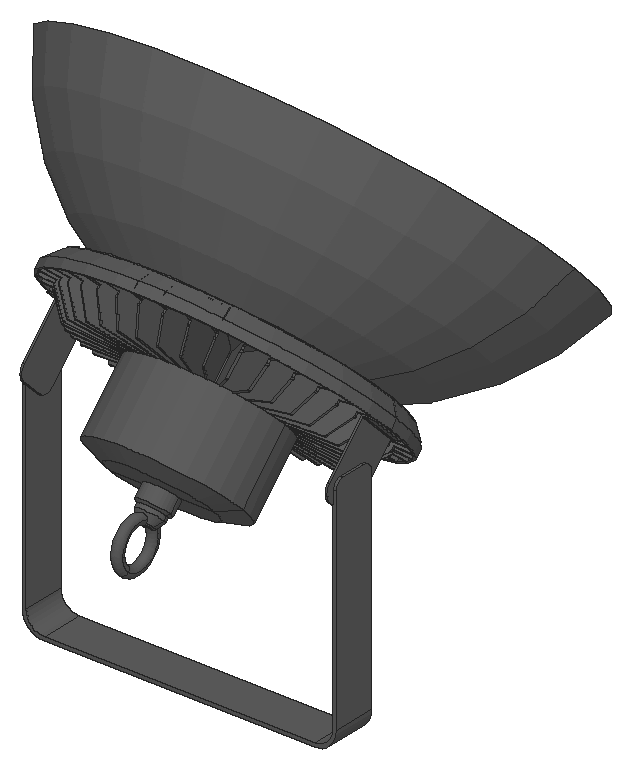
Revit family "0039362+0039353+0039357 Sylvania Lighting Fixture START HighBay IP65 DALI 13000lm 840 MB with BRACKET and ALU SHADE BLACK COLOR FOR 13 19KLM", category Lighting Fixtures, host Face, Revit 2016 (continued)
Definition of nested family "Start LED Highbay DALI Head"
  Nested families
    nested 6: "Start Highbay Rib" at (0, 0, 80.875) x (0.7071, 0.7071, 0) z (0, 0, 1), type "Type Name", detail levels medium+fine
      with SuspensionHeight_FEILO 2.6 mm, WidthStraight_FEILO 4.7 mm, WidthRingChamfer_FEILO 12.9 mm, WidthCurved_FEILO 26.2 mm, WidthCurvedRing_FEILO 4.7 mm, SizeS_FEILO no, Rib4_FEILO 14.6 mm, Rib3_FEILO 20.2 mm, Rib2_FEILO 4.5 mm, Rib1_FEILO 19 mm, RadiusDiffuser_FEILO 120 mm, RHRadius3_FEILO 8.6 mm, RHRadius2_FEILO 14 mm, RHRadius1_FEILO 17.7 mm, RHHeight4_FEILO 9.2 mm, RHHeight3_FEILO 4.6 mm, RHHeight2_FEILO 2.6 mm, RHHeight1_FEILO 17.4 mm, HeightRing_FEILO 36.8 mm, HeightRingChamfer_FEILO 26.6 mm, EyeThickness_FEILO 10.5 mm, EyeThicknessHalf_FEILO 5.25 mm, EyeInner_FEILO 17.3 mm, DriverVerticalStraight_FEILO 57 mm, DriverVerticalChamfer_FEILO 9.5 mm, DriverRadius_FEILO 76.4 mm, DriverRadiusTop_FEILO 52.4 mm, DriverBottom_FEILO 74 mm, Radius_FEILO 169.5 mm
    nested 7: "Start Highbay Rib" at (0, 0, 80.875) x (0.5878, 0.809, 0) z (0, 0, 1), type "Type Name", detail levels medium+fine
      with SuspensionHeight_FEILO 2.6 mm, WidthStraight_FEILO 4.7 mm, WidthRingChamfer_FEILO 12.9 mm, WidthCurved_FEILO 26.2 mm, WidthCurvedRing_FEILO 4.7 mm, SizeS_FEILO no, Rib4_FEILO 14.6 mm, Rib3_FEILO 20.2 mm, Rib2_FEILO 4.5 mm, Rib1_FEILO 19 mm, RadiusDiffuser_FEILO 120 mm, RHRadius3_FEILO 8.6 mm, RHRadius2_FEILO 14 mm, RHRadius1_FEILO 17.7 mm, RHHeight4_FEILO 9.2 mm, RHHeight3_FEILO 4.6 mm, RHHeight2_FEILO 2.6 mm, RHHeight1_FEILO 17.4 mm, HeightRing_FEILO 36.8 mm, HeightRingChamfer_FEILO 26.6 mm, EyeThickness_FEILO 10.5 mm, EyeThicknessHalf_FEILO 5.25 mm, EyeInner_FEILO 17.3 mm, DriverVerticalStraight_FEILO 57 mm, DriverVerticalChamfer_FEILO 9.5 mm, DriverRadius_FEILO 76.4 mm, DriverRadiusTop_FEILO 52.4 mm, DriverBottom_FEILO 74 mm, Radius_FEILO 169.5 mm
    nested 8: "Start Highbay Rib" at (0, 0, 80.875) x (0.454, 0.891, 0) z (0, 0, 1), type "Type Name", detail levels medium+fine
      with SuspensionHeight_FEILO 2.6 mm, WidthStraight_FEILO 4.7 mm, WidthRingChamfer_FEILO 12.9 mm, WidthCurved_FEILO 26.2 mm, WidthCurvedRing_FEILO 4.7 mm, SizeS_FEILO no, Rib4_FEILO 14.6 mm, Rib3_FEILO 20.2 mm, Rib2_FEILO 4.5 mm, Rib1_FEILO 19 mm, RadiusDiffuser_FEILO 120 mm, RHRadius3_FEILO 8.6 mm, RHRadius2_FEILO 14 mm, RHRadius1_FEILO 17.7 mm, RHHeight4_FEILO 9.2 mm, RHHeight3_FEILO 4.6 mm, RHHeight2_FEILO 2.6 mm, RHHeight1_FEILO 17.4 mm, HeightRing_FEILO 36.8 mm, HeightRingChamfer_FEILO 26.6 mm, EyeThickness_FEILO 10.5 mm, EyeThicknessHalf_FEILO 5.25 mm, EyeInner_FEILO 17.3 mm, DriverVerticalStraight_FEILO 57 mm, DriverVerticalChamfer_FEILO 9.5 mm, DriverRadius_FEILO 76.4 mm, DriverRadiusTop_FEILO 52.4 mm, DriverBottom_FEILO 74 mm, Radius_FEILO 169.5 mm
    nested 9: "Start Highbay Rib" at (0, 0, 80.875) x (0.309, 0.9511, 0) z (0, 0, 1), type "Type Name", detail levels medium+fine
      with SuspensionHeight_FEILO 2.6 mm, WidthStraight_FEILO 4.7 mm, WidthRingChamfer_FEILO 12.9 mm, WidthCurved_FEILO 26.2 mm, WidthCurvedRing_FEILO 4.7 mm, SizeS_FEILO no, Rib4_FEILO 14.6 mm, Rib3_FEILO 20.2 mm, Rib2_FEILO 4.5 mm, Rib1_FEILO 19 mm, RadiusDiffuser_FEILO 120 mm, RHRadius3_FEILO 8.6 mm, RHRadius2_FEILO 14 mm, RHRadius1_FEILO 17.7 mm, RHHeight4_FEILO 9.2 mm, RHHeight3_FEILO 4.6 mm, RHHeight2_FEILO 2.6 mm, RHHeight1_FEILO 17.4 mm, HeightRing_FEILO 36.8 mm, HeightRingChamfer_FEILO 26.6 mm, EyeThickness_FEILO 10.5 mm, EyeThicknessHalf_FEILO 5.25 mm, EyeInner_FEILO 17.3 mm, DriverVerticalStraight_FEILO 57 mm, DriverVerticalChamfer_FEILO 9.5 mm, DriverRadius_FEILO 76.4 mm, DriverRadiusTop_FEILO 52.4 mm, DriverBottom_FEILO 74 mm, Radius_FEILO 169.5 mm
    nested 10: "Start Highbay Rib" at (0, 0, 80.875) x (0.1564, 0.9877, 0) z (0, 0, 1), type "Type Name", detail levels medium+fine
      with SuspensionHeight_FEILO 2.6 mm, WidthStraight_FEILO 4.7 mm, WidthRingChamfer_FEILO 12.9 mm, WidthCurved_FEILO 26.2 mm, WidthCurvedRing_FEILO 4.7 mm, SizeS_FEILO no, Rib4_FEILO 14.6 mm, Rib3_FEILO 20.2 mm, Rib2_FEILO 4.5 mm, Rib1_FEILO 19 mm, RadiusDiffuser_FEILO 120 mm, RHRadius3_FEILO 8.6 mm, RHRadius2_FEILO 14 mm, RHRadius1_FEILO 17.7 mm, RHHeight4_FEILO 9.2 mm, RHHeight3_FEILO 4.6 mm, RHHeight2_FEILO 2.6 mm, RHHeight1_FEILO 17.4 mm, HeightRing_FEILO 36.8 mm, HeightRingChamfer_FEILO 26.6 mm, EyeThickness_FEILO 10.5 mm, EyeThicknessHalf_FEILO 5.25 mm, EyeInner_FEILO 17.3 mm, DriverVerticalStraight_FEILO 57 mm, DriverVerticalChamfer_FEILO 9.5 mm, DriverRadius_FEILO 76.4 mm, DriverRadiusTop_FEILO 52.4 mm, DriverBottom_FEILO 74 mm, Radius_FEILO 169.5 mm
    nested 11: "Start Highbay Rib" at (0, 0, 80.875) x (0, 1, 0) z (0, 0, 1), type "Type Name", detail levels medium+fine
      with SuspensionHeight_FEILO 2.6 mm, WidthStraight_FEILO 4.7 mm, WidthRingChamfer_FEILO 12.9 mm, WidthCurved_FEILO 26.2 mm, WidthCurvedRing_FEILO 4.7 mm, SizeS_FEILO no, Rib4_FEILO 14.6 mm, Rib3_FEILO 20.2 mm, Rib2_FEILO 4.5 mm, Rib1_FEILO 19 mm, RadiusDiffuser_FEILO 120 mm, RHRadius3_FEILO 8.6 mm, RHRadius2_FEILO 14 mm, RHRadius1_FEILO 17.7 mm, RHHeight4_FEILO 9.2 mm, RHHeight3_FEILO 4.6 mm, RHHeight2_FEILO 2.6 mm, RHHeight1_FEILO 17.4 mm, HeightRing_FEILO 36.8 mm, HeightRingChamfer_FEILO 26.6 mm, EyeThickness_FEILO 10.5 mm, EyeThicknessHalf_FEILO 5.25 mm, EyeInner_FEILO 17.3 mm, DriverVerticalStraight_FEILO 57 mm, DriverVerticalChamfer_FEILO 9.5 mm, DriverRadius_FEILO 76.4 mm, DriverRadiusTop_FEILO 52.4 mm, DriverBottom_FEILO 74 mm, Radius_FEILO 169.5 mm
    nested 12: "Start Highbay Rib" at (0, 0, 80.875) x (-0.1564, 0.9877, 0) z (0, 0, 1), type "Type Name", detail levels medium+fine
      with SuspensionHeight_FEILO 2.6 mm, WidthStraight_FEILO 4.7 mm, WidthRingChamfer_FEILO 12.9 mm, WidthCurved_FEILO 26.2 mm, WidthCurvedRing_FEILO 4.7 mm, SizeS_FEILO no, Rib4_FEILO 14.6 mm, Rib3_FEILO 20.2 mm, Rib2_FEILO 4.5 mm, Rib1_FEILO 19 mm, RadiusDiffuser_FEILO 120 mm, RHRadius3_FEILO 8.6 mm, RHRadius2_FEILO 14 mm, RHRadius1_FEILO 17.7 mm, RHHeight4_FEILO 9.2 mm, RHHeight3_FEILO 4.6 mm, RHHeight2_FEILO 2.6 mm, RHHeight1_FEILO 17.4 mm, HeightRing_FEILO 36.8 mm, HeightRingChamfer_FEILO 26.6 mm, EyeThickness_FEILO 10.5 mm, EyeThicknessHalf_FEILO 5.25 mm, EyeInner_FEILO 17.3 mm, DriverVerticalStraight_FEILO 57 mm, DriverVerticalChamfer_FEILO 9.5 mm, DriverRadius_FEILO 76.4 mm, DriverRadiusTop_FEILO 52.4 mm, DriverBottom_FEILO 74 mm, Radius_FEILO 169.5 mm
    nested 13: "Start Highbay Rib" at (0, 0, 80.875) x (-0.309, 0.9511, 0) z (0, 0, 1), type "Type Name", detail levels medium+fine
      with SuspensionHeight_FEILO 2.6 mm, WidthStraight_FEILO 4.7 mm, WidthRingChamfer_FEILO 12.9 mm, WidthCurved_FEILO 26.2 mm, WidthCurvedRing_FEILO 4.7 mm, SizeS_FEILO no, Rib4_FEILO 14.6 mm, Rib3_FEILO 20.2 mm, Rib2_FEILO 4.5 mm, Rib1_FEILO 19 mm, RadiusDiffuser_FEILO 120 mm, RHRadius3_FEILO 8.6 mm, RHRadius2_FEILO 14 mm, RHRadius1_FEILO 17.7 mm, RHHeight4_FEILO 9.2 mm, RHHeight3_FEILO 4.6 mm, RHHeight2_FEILO 2.6 mm, RHHeight1_FEILO 17.4 mm, HeightRing_FEILO 36.8 mm, HeightRingChamfer_FEILO 26.6 mm, EyeThickness_FEILO 10.5 mm, EyeThicknessHalf_FEILO 5.25 mm, EyeInner_FEILO 17.3 mm, DriverVerticalStraight_FEILO 57 mm, DriverVerticalChamfer_FEILO 9.5 mm, DriverRadius_FEILO 76.4 mm, DriverRadiusTop_FEILO 52.4 mm, DriverBottom_FEILO 74 mm, Radius_FEILO 169.5 mm
    nested 14: "Start Highbay Rib" at (0, 0, 80.875) x (-0.454, 0.891, 0) z (0, 0, 1), type "Type Name", detail levels medium+fine
      with SuspensionHeight_FEILO 2.6 mm, WidthStraight_FEILO 4.7 mm, WidthRingChamfer_FEILO 12.9 mm, WidthCurved_FEILO 26.2 mm, WidthCurvedRing_FEILO 4.7 mm, SizeS_FEILO no, Rib4_FEILO 14.6 mm, Rib3_FEILO 20.2 mm, Rib2_FEILO 4.5 mm, Rib1_FEILO 19 mm, RadiusDiffuser_FEILO 120 mm, RHRadius3_FEILO 8.6 mm, RHRadius2_FEILO 14 mm, RHRadius1_FEILO 17.7 mm, RHHeight4_FEILO 9.2 mm, RHHeight3_FEILO 4.6 mm, RHHeight2_FEILO 2.6 mm, RHHeight1_FEILO 17.4 mm, HeightRing_FEILO 36.8 mm, HeightRingChamfer_FEILO 26.6 mm, EyeThickness_FEILO 10.5 mm, EyeThicknessHalf_FEILO 5.25 mm, EyeInner_FEILO 17.3 mm, DriverVerticalStraight_FEILO 57 mm, DriverVerticalChamfer_FEILO 9.5 mm, DriverRadius_FEILO 76.4 mm, DriverRadiusTop_FEILO 52.4 mm, DriverBottom_FEILO 74 mm, Radius_FEILO 169.5 mm
    nested 15: "Start Highbay Rib" at (0, 0, 80.875) x (-0.5878, 0.809, 0) z (0, 0, 1), type "Type Name", detail levels medium+fine
      with SuspensionHeight_FEILO 2.6 mm, WidthStraight_FEILO 4.7 mm, WidthRingChamfer_FEILO 12.9 mm, WidthCurved_FEILO 26.2 mm, WidthCurvedRing_FEILO 4.7 mm, SizeS_FEILO no, Rib4_FEILO 14.6 mm, Rib3_FEILO 20.2 mm, Rib2_FEILO 4.5 mm, Rib1_FEILO 19 mm, RadiusDiffuser_FEILO 120 mm, RHRadius3_FEILO 8.6 mm, RHRadius2_FEILO 14 mm, RHRadius1_FEILO 17.7 mm, RHHeight4_FEILO 9.2 mm, RHHeight3_FEILO 4.6 mm, RHHeight2_FEILO 2.6 mm, RHHeight1_FEILO 17.4 mm, HeightRing_FEILO 36.8 mm, HeightRingChamfer_FEILO 26.6 mm, EyeThickness_FEILO 10.5 mm, EyeThicknessHalf_FEILO 5.25 mm, EyeInner_FEILO 17.3 mm, DriverVerticalStraight_FEILO 57 mm, DriverVerticalChamfer_FEILO 9.5 mm, DriverRadius_FEILO 76.4 mm, DriverRadiusTop_FEILO 52.4 mm, DriverBottom_FEILO 74 mm, Radius_FEILO 169.5 mm
    nested 16: "Start Highbay Rib" at (0, 0, 80.875) x (-0.7071, 0.7071, 0) z (0, 0, 1), type "Type Name", detail levels medium+fine
      with SuspensionHeight_FEILO 2.6 mm, WidthStraight_FEILO 4.7 mm, WidthRingChamfer_FEILO 12.9 mm, WidthCurved_FEILO 26.2 mm, WidthCurvedRing_FEILO 4.7 mm, SizeS_FEILO no, Rib4_FEILO 14.6 mm, Rib3_FEILO 20.2 mm, Rib2_FEILO 4.5 mm, Rib1_FEILO 19 mm, RadiusDiffuser_FEILO 120 mm, RHRadius3_FEILO 8.6 mm, RHRadius2_FEILO 14 mm, RHRadius1_FEILO 17.7 mm, RHHeight4_FEILO 9.2 mm, RHHeight3_FEILO 4.6 mm, RHHeight2_FEILO 2.6 mm, RHHeight1_FEILO 17.4 mm, HeightRing_FEILO 36.8 mm, HeightRingChamfer_FEILO 26.6 mm, EyeThickness_FEILO 10.5 mm, EyeThicknessHalf_FEILO 5.25 mm, EyeInner_FEILO 17.3 mm, DriverVerticalStraight_FEILO 57 mm, DriverVerticalChamfer_FEILO 9.5 mm, DriverRadius_FEILO 76.4 mm, DriverRadiusTop_FEILO 52.4 mm, DriverBottom_FEILO 74 mm, Radius_FEILO 169.5 mm
    nested 17: "Start Highbay Rib" at (0, 0, 80.875) x (-0.809, 0.5878, 0) z (0, 0, 1), type "Type Name", detail levels medium+fine
      with SuspensionHeight_FEILO 2.6 mm, WidthStraight_FEILO 4.7 mm, WidthRingChamfer_FEILO 12.9 mm, WidthCurved_FEILO 26.2 mm, WidthCurvedRing_FEILO 4.7 mm, SizeS_FEILO no, Rib4_FEILO 14.6 mm, Rib3_FEILO 20.2 mm, Rib2_FEILO 4.5 mm, Rib1_FEILO 19 mm, RadiusDiffuser_FEILO 120 mm, RHRadius3_FEILO 8.6 mm, RHRadius2_FEILO 14 mm, RHRadius1_FEILO 17.7 mm, RHHeight4_FEILO 9.2 mm, RHHeight3_FEILO 4.6 mm, RHHeight2_FEILO 2.6 mm, RHHeight1_FEILO 17.4 mm, HeightRing_FEILO 36.8 mm, HeightRingChamfer_FEILO 26.6 mm, EyeThickness_FEILO 10.5 mm, EyeThicknessHalf_FEILO 5.25 mm, EyeInner_FEILO 17.3 mm, DriverVerticalStraight_FEILO 57 mm, DriverVerticalChamfer_FEILO 9.5 mm, DriverRadius_FEILO 76.4 mm, DriverRadiusTop_FEILO 52.4 mm, DriverBottom_FEILO 74 mm, Radius_FEILO 169.5 mm
    nested 18: "Start Highbay Rib" at (0, 0, 80.875) x (-0.891, 0.454, 0) z (0, 0, 1), type "Type Name", detail levels medium+fine
      with SuspensionHeight_FEILO 2.6 mm, WidthStraight_FEILO 4.7 mm, WidthRingChamfer_FEILO 12.9 mm, WidthCurved_FEILO 26.2 mm, WidthCurvedRing_FEILO 4.7 mm, SizeS_FEILO no, Rib4_FEILO 14.6 mm, Rib3_FEILO 20.2 mm, Rib2_FEILO 4.5 mm, Rib1_FEILO 19 mm, RadiusDiffuser_FEILO 120 mm, RHRadius3_FEILO 8.6 mm, RHRadius2_FEILO 14 mm, RHRadius1_FEILO 17.7 mm, RHHeight4_FEILO 9.2 mm, RHHeight3_FEILO 4.6 mm, RHHeight2_FEILO 2.6 mm, RHHeight1_FEILO 17.4 mm, HeightRing_FEILO 36.8 mm, HeightRingChamfer_FEILO 26.6 mm, EyeThickness_FEILO 10.5 mm, EyeThicknessHalf_FEILO 5.25 mm, EyeInner_FEILO 17.3 mm, DriverVerticalStraight_FEILO 57 mm, DriverVerticalChamfer_FEILO 9.5 mm, DriverRadius_FEILO 76.4 mm, DriverRadiusTop_FEILO 52.4 mm, DriverBottom_FEILO 74 mm, Radius_FEILO 169.5 mm
    nested 19: "Start Highbay Rib" at (0, 0, 80.875) x (-0.9511, 0.309, 0) z (0, 0, 1), type "Type Name", detail levels medium+fine
      with SuspensionHeight_FEILO 2.6 mm, WidthStraight_FEILO 4.7 mm, WidthRingChamfer_FEILO 12.9 mm, WidthCurved_FEILO 26.2 mm, WidthCurvedRing_FEILO 4.7 mm, SizeS_FEILO no, Rib4_FEILO 14.6 mm, Rib3_FEILO 20.2 mm, Rib2_FEILO 4.5 mm, Rib1_FEILO 19 mm, RadiusDiffuser_FEILO 120 mm, RHRadius3_FEILO 8.6 mm, RHRadius2_FEILO 14 mm, RHRadius1_FEILO 17.7 mm, RHHeight4_FEILO 9.2 mm, RHHeight3_FEILO 4.6 mm, RHHeight2_FEILO 2.6 mm, RHHeight1_FEILO 17.4 mm, HeightRing_FEILO 36.8 mm, HeightRingChamfer_FEILO 26.6 mm, EyeThickness_FEILO 10.5 mm, EyeThicknessHalf_FEILO 5.25 mm, EyeInner_FEILO 17.3 mm, DriverVerticalStraight_FEILO 57 mm, DriverVerticalChamfer_FEILO 9.5 mm, DriverRadius_FEILO 76.4 mm, DriverRadiusTop_FEILO 52.4 mm, DriverBottom_FEILO 74 mm, Radius_FEILO 169.5 mm
    nested 20: "Start Highbay Rib" at (0, 0, 80.875) x (-0.9877, 0.1564, 0) z (0, 0, 1), type "Type Name", detail levels medium+fine
      with SuspensionHeight_FEILO 2.6 mm, WidthStraight_FEILO 4.7 mm, WidthRingChamfer_FEILO 12.9 mm, WidthCurved_FEILO 26.2 mm, WidthCurvedRing_FEILO 4.7 mm, SizeS_FEILO no, Rib4_FEILO 14.6 mm, Rib3_FEILO 20.2 mm, Rib2_FEILO 4.5 mm, Rib1_FEILO 19 mm, RadiusDiffuser_FEILO 120 mm, RHRadius3_FEILO 8.6 mm, RHRadius2_FEILO 14 mm, RHRadius1_FEILO 17.7 mm, RHHeight4_FEILO 9.2 mm, RHHeight3_FEILO 4.6 mm, RHHeight2_FEILO 2.6 mm, RHHeight1_FEILO 17.4 mm, HeightRing_FEILO 36.8 mm, HeightRingChamfer_FEILO 26.6 mm, EyeThickness_FEILO 10.5 mm, EyeThicknessHalf_FEILO 5.25 mm, EyeInner_FEILO 17.3 mm, DriverVerticalStraight_FEILO 57 mm, DriverVerticalChamfer_FEILO 9.5 mm, DriverRadius_FEILO 76.4 mm, DriverRadiusTop_FEILO 52.4 mm, DriverBottom_FEILO 74 mm, Radius_FEILO 169.5 mm
    nested 21: "Start Highbay Rib" at (0, 0, 80.875) x (-1, 0, 0) z (0, 0, 1), type "Type Name", detail levels medium+fine
      with SuspensionHeight_FEILO 2.6 mm, WidthStraight_FEILO 4.7 mm, WidthRingChamfer_FEILO 12.9 mm, WidthCurved_FEILO 26.2 mm, WidthCurvedRing_FEILO 4.7 mm, SizeS_FEILO no, Rib4_FEILO 14.6 mm, Rib3_FEILO 20.2 mm, Rib2_FEILO 4.5 mm, Rib1_FEILO 19 mm, RadiusDiffuser_FEILO 120 mm, RHRadius3_FEILO 8.6 mm, RHRadius2_FEILO 14 mm, RHRadius1_FEILO 17.7 mm, RHHeight4_FEILO 9.2 mm, RHHeight3_FEILO 4.6 mm, RHHeight2_FEILO 2.6 mm, RHHeight1_FEILO 17.4 mm, HeightRing_FEILO 36.8 mm, HeightRingChamfer_FEILO 26.6 mm, EyeThickness_FEILO 10.5 mm, EyeThicknessHalf_FEILO 5.25 mm, EyeInner_FEILO 17.3 mm, DriverVerticalStraight_FEILO 57 mm, DriverVerticalChamfer_FEILO 9.5 mm, DriverRadius_FEILO 76.4 mm, DriverRadiusTop_FEILO 52.4 mm, DriverBottom_FEILO 74 mm, Radius_FEILO 169.5 mm
    nested 22: "Start Highbay Rib" at (0, 0, 80.875) x (-0.9877, -0.1564, 0) z (0, 0, 1), type "Type Name", detail levels medium+fine
      with SuspensionHeight_FEILO 2.6 mm, WidthStraight_FEILO 4.7 mm, WidthRingChamfer_FEILO 12.9 mm, WidthCurved_FEILO 26.2 mm, WidthCurvedRing_FEILO 4.7 mm, SizeS_FEILO no, Rib4_FEILO 14.6 mm, Rib3_FEILO 20.2 mm, Rib2_FEILO 4.5 mm, Rib1_FEILO 19 mm, RadiusDiffuser_FEILO 120 mm, RHRadius3_FEILO 8.6 mm, RHRadius2_FEILO 14 mm, RHRadius1_FEILO 17.7 mm, RHHeight4_FEILO 9.2 mm, RHHeight3_FEILO 4.6 mm, RHHeight2_FEILO 2.6 mm, RHHeight1_FEILO 17.4 mm, HeightRing_FEILO 36.8 mm, HeightRingChamfer_FEILO 26.6 mm, EyeThickness_FEILO 10.5 mm, EyeThicknessHalf_FEILO 5.25 mm, EyeInner_FEILO 17.3 mm, DriverVerticalStraight_FEILO 57 mm, DriverVerticalChamfer_FEILO 9.5 mm, DriverRadius_FEILO 76.4 mm, DriverRadiusTop_FEILO 52.4 mm, DriverBottom_FEILO 74 mm, Radius_FEILO 169.5 mm
    nested 23: "Start Highbay Rib" at (0, 0, 80.875) x (-0.9511, -0.309, 0) z (0, 0, 1), type "Type Name", detail levels medium+fine
      with SuspensionHeight_FEILO 2.6 mm, WidthStraight_FEILO 4.7 mm, WidthRingChamfer_FEILO 12.9 mm, WidthCurved_FEILO 26.2 mm, WidthCurvedRing_FEILO 4.7 mm, SizeS_FEILO no, Rib4_FEILO 14.6 mm, Rib3_FEILO 20.2 mm, Rib2_FEILO 4.5 mm, Rib1_FEILO 19 mm, RadiusDiffuser_FEILO 120 mm, RHRadius3_FEILO 8.6 mm, RHRadius2_FEILO 14 mm, RHRadius1_FEILO 17.7 mm, RHHeight4_FEILO 9.2 mm, RHHeight3_FEILO 4.6 mm, RHHeight2_FEILO 2.6 mm, RHHeight1_FEILO 17.4 mm, HeightRing_FEILO 36.8 mm, HeightRingChamfer_FEILO 26.6 mm, EyeThickness_FEILO 10.5 mm, EyeThicknessHalf_FEILO 5.25 mm, EyeInner_FEILO 17.3 mm, DriverVerticalStraight_FEILO 57 mm, DriverVerticalChamfer_FEILO 9.5 mm, DriverRadius_FEILO 76.4 mm, DriverRadiusTop_FEILO 52.4 mm, DriverBottom_FEILO 74 mm, Radius_FEILO 169.5 mm
    nested 24: "Start Highbay Rib" at (0, 0, 80.875) x (-0.891, -0.454, 0) z (0, 0, 1), type "Type Name", detail levels medium+fine
      with SuspensionHeight_FEILO 2.6 mm, WidthStraight_FEILO 4.7 mm, WidthRingChamfer_FEILO 12.9 mm, WidthCurved_FEILO 26.2 mm, WidthCurvedRing_FEILO 4.7 mm, SizeS_FEILO no, Rib4_FEILO 14.6 mm, Rib3_FEILO 20.2 mm, Rib2_FEILO 4.5 mm, Rib1_FEILO 19 mm, RadiusDiffuser_FEILO 120 mm, RHRadius3_FEILO 8.6 mm, RHRadius2_FEILO 14 mm, RHRadius1_FEILO 17.7 mm, RHHeight4_FEILO 9.2 mm, RHHeight3_FEILO 4.6 mm, RHHeight2_FEILO 2.6 mm, RHHeight1_FEILO 17.4 mm, HeightRing_FEILO 36.8 mm, HeightRingChamfer_FEILO 26.6 mm, EyeThickness_FEILO 10.5 mm, EyeThicknessHalf_FEILO 5.25 mm, EyeInner_FEILO 17.3 mm, DriverVerticalStraight_FEILO 57 mm, DriverVerticalChamfer_FEILO 9.5 mm, DriverRadius_FEILO 76.4 mm, DriverRadiusTop_FEILO 52.4 mm, DriverBottom_FEILO 74 mm, Radius_FEILO 169.5 mm
    nested 25: "Start Highbay Rib" at (0, 0, 80.875) x (-0.809, -0.5878, 0) z (0, 0, 1), type "Type Name", detail levels medium+fine
      with SuspensionHeight_FEILO 2.6 mm, WidthStraight_FEILO 4.7 mm, WidthRingChamfer_FEILO 12.9 mm, WidthCurved_FEILO 26.2 mm, WidthCurvedRing_FEILO 4.7 mm, SizeS_FEILO no, Rib4_FEILO 14.6 mm, Rib3_FEILO 20.2 mm, Rib2_FEILO 4.5 mm, Rib1_FEILO 19 mm, RadiusDiffuser_FEILO 120 mm, RHRadius3_FEILO 8.6 mm, RHRadius2_FEILO 14 mm, RHRadius1_FEILO 17.7 mm, RHHeight4_FEILO 9.2 mm, RHHeight3_FEILO 4.6 mm, RHHeight2_FEILO 2.6 mm, RHHeight1_FEILO 17.4 mm, HeightRing_FEILO 36.8 mm, HeightRingChamfer_FEILO 26.6 mm, EyeThickness_FEILO 10.5 mm, EyeThicknessHalf_FEILO 5.25 mm, EyeInner_FEILO 17.3 mm, DriverVerticalStraight_FEILO 57 mm, DriverVerticalChamfer_FEILO 9.5 mm, DriverRadius_FEILO 76.4 mm, DriverRadiusTop_FEILO 52.4 mm, DriverBottom_FEILO 74 mm, Radius_FEILO 169.5 mm
    nested 26: "Start Highbay Rib" at (0, 0, 80.875) x (-0.7071, -0.7071, 0) z (0, 0, 1), type "Type Name", detail levels medium+fine
      with SuspensionHeight_FEILO 2.6 mm, WidthStraight_FEILO 4.7 mm, WidthRingChamfer_FEILO 12.9 mm, WidthCurved_FEILO 26.2 mm, WidthCurvedRing_FEILO 4.7 mm, SizeS_FEILO no, Rib4_FEILO 14.6 mm, Rib3_FEILO 20.2 mm, Rib2_FEILO 4.5 mm, Rib1_FEILO 19 mm, RadiusDiffuser_FEILO 120 mm, RHRadius3_FEILO 8.6 mm, RHRadius2_FEILO 14 mm, RHRadius1_FEILO 17.7 mm, RHHeight4_FEILO 9.2 mm, RHHeight3_FEILO 4.6 mm, RHHeight2_FEILO 2.6 mm, RHHeight1_FEILO 17.4 mm, HeightRing_FEILO 36.8 mm, HeightRingChamfer_FEILO 26.6 mm, EyeThickness_FEILO 10.5 mm, EyeThicknessHalf_FEILO 5.25 mm, EyeInner_FEILO 17.3 mm, DriverVerticalStraight_FEILO 57 mm, DriverVerticalChamfer_FEILO 9.5 mm, DriverRadius_FEILO 76.4 mm, DriverRadiusTop_FEILO 52.4 mm, DriverBottom_FEILO 74 mm, Radius_FEILO 169.5 mm
    nested 27: "Start Highbay Rib" at (0, 0, 80.875) x (-0.5878, -0.809, 0) z (0, 0, 1), type "Type Name", detail levels medium+fine
      with SuspensionHeight_FEILO 2.6 mm, WidthStraight_FEILO 4.7 mm, WidthRingChamfer_FEILO 12.9 mm, WidthCurved_FEILO 26.2 mm, WidthCurvedRing_FEILO 4.7 mm, SizeS_FEILO no, Rib4_FEILO 14.6 mm, Rib3_FEILO 20.2 mm, Rib2_FEILO 4.5 mm, Rib1_FEILO 19 mm, RadiusDiffuser_FEILO 120 mm, RHRadius3_FEILO 8.6 mm, RHRadius2_FEILO 14 mm, RHRadius1_FEILO 17.7 mm, RHHeight4_FEILO 9.2 mm, RHHeight3_FEILO 4.6 mm, RHHeight2_FEILO 2.6 mm, RHHeight1_FEILO 17.4 mm, HeightRing_FEILO 36.8 mm, HeightRingChamfer_FEILO 26.6 mm, EyeThickness_FEILO 10.5 mm, EyeThicknessHalf_FEILO 5.25 mm, EyeInner_FEILO 17.3 mm, DriverVerticalStraight_FEILO 57 mm, DriverVerticalChamfer_FEILO 9.5 mm, DriverRadius_FEILO 76.4 mm, DriverRadiusTop_FEILO 52.4 mm, DriverBottom_FEILO 74 mm, Radius_FEILO 169.5 mm
    nested 28: "Start Highbay Rib" at (0, 0, 80.875) x (-0.454, -0.891, 0) z (0, 0, 1), type "Type Name", detail levels medium+fine
      with SuspensionHeight_FEILO 2.6 mm, WidthStraight_FEILO 4.7 mm, WidthRingChamfer_FEILO 12.9 mm, WidthCurved_FEILO 26.2 mm, WidthCurvedRing_FEILO 4.7 mm, SizeS_FEILO no, Rib4_FEILO 14.6 mm, Rib3_FEILO 20.2 mm, Rib2_FEILO 4.5 mm, Rib1_FEILO 19 mm, RadiusDiffuser_FEILO 120 mm, RHRadius3_FEILO 8.6 mm, RHRadius2_FEILO 14 mm, RHRadius1_FEILO 17.7 mm, RHHeight4_FEILO 9.2 mm, RHHeight3_FEILO 4.6 mm, RHHeight2_FEILO 2.6 mm, RHHeight1_FEILO 17.4 mm, HeightRing_FEILO 36.8 mm, HeightRingChamfer_FEILO 26.6 mm, EyeThickness_FEILO 10.5 mm, EyeThicknessHalf_FEILO 5.25 mm, EyeInner_FEILO 17.3 mm, DriverVerticalStraight_FEILO 57 mm, DriverVerticalChamfer_FEILO 9.5 mm, DriverRadius_FEILO 76.4 mm, DriverRadiusTop_FEILO 52.4 mm, DriverBottom_FEILO 74 mm, Radius_FEILO 169.5 mm
    nested 29: "Start Highbay Rib" at (0, 0, 80.875) x (-0.309, -0.9511, 0) z (0, 0, 1), type "Type Name", detail levels medium+fine
      with SuspensionHeight_FEILO 2.6 mm, WidthStraight_FEILO 4.7 mm, WidthRingChamfer_FEILO 12.9 mm, WidthCurved_FEILO 26.2 mm, WidthCurvedRing_FEILO 4.7 mm, SizeS_FEILO no, Rib4_FEILO 14.6 mm, Rib3_FEILO 20.2 mm, Rib2_FEILO 4.5 mm, Rib1_FEILO 19 mm, RadiusDiffuser_FEILO 120 mm, RHRadius3_FEILO 8.6 mm, RHRadius2_FEILO 14 mm, RHRadius1_FEILO 17.7 mm, RHHeight4_FEILO 9.2 mm, RHHeight3_FEILO 4.6 mm, RHHeight2_FEILO 2.6 mm, RHHeight1_FEILO 17.4 mm, HeightRing_FEILO 36.8 mm, HeightRingChamfer_FEILO 26.6 mm, EyeThickness_FEILO 10.5 mm, EyeThicknessHalf_FEILO 5.25 mm, EyeInner_FEILO 17.3 mm, DriverVerticalStraight_FEILO 57 mm, DriverVerticalChamfer_FEILO 9.5 mm, DriverRadius_FEILO 76.4 mm, DriverRadiusTop_FEILO 52.4 mm, DriverBottom_FEILO 74 mm, Radius_FEILO 169.5 mm
    nested 30: "Start Highbay Rib" at (0, 0, 80.875) x (-0.1564, -0.9877, 0) z (0, 0, 1), type "Type Name", detail levels medium+fine
      with SuspensionHeight_FEILO 2.6 mm, WidthStraight_FEILO 4.7 mm, WidthRingChamfer_FEILO 12.9 mm, WidthCurved_FEILO 26.2 mm, WidthCurvedRing_FEILO 4.7 mm, SizeS_FEILO no, Rib4_FEILO 14.6 mm, Rib3_FEILO 20.2 mm, Rib2_FEILO 4.5 mm, Rib1_FEILO 19 mm, RadiusDiffuser_FEILO 120 mm, RHRadius3_FEILO 8.6 mm, RHRadius2_FEILO 14 mm, RHRadius1_FEILO 17.7 mm, RHHeight4_FEILO 9.2 mm, RHHeight3_FEILO 4.6 mm, RHHeight2_FEILO 2.6 mm, RHHeight1_FEILO 17.4 mm, HeightRing_FEILO 36.8 mm, HeightRingChamfer_FEILO 26.6 mm, EyeThickness_FEILO 10.5 mm, EyeThicknessHalf_FEILO 5.25 mm, EyeInner_FEILO 17.3 mm, DriverVerticalStraight_FEILO 57 mm, DriverVerticalChamfer_FEILO 9.5 mm, DriverRadius_FEILO 76.4 mm, DriverRadiusTop_FEILO 52.4 mm, DriverBottom_FEILO 74 mm, Radius_FEILO 169.5 mm
    nested 31: "Start Highbay Rib" at (0, 0, 80.875) x (0, -1, 0) z (0, 0, 1), type "Type Name", detail levels medium+fine
      with SuspensionHeight_FEILO 2.6 mm, WidthStraight_FEILO 4.7 mm, WidthRingChamfer_FEILO 12.9 mm, WidthCurved_FEILO 26.2 mm, WidthCurvedRing_FEILO 4.7 mm, SizeS_FEILO no, Rib4_FEILO 14.6 mm, Rib3_FEILO 20.2 mm, Rib2_FEILO 4.5 mm, Rib1_FEILO 19 mm, RadiusDiffuser_FEILO 120 mm, RHRadius3_FEILO 8.6 mm, RHRadius2_FEILO 14 mm, RHRadius1_FEILO 17.7 mm, RHHeight4_FEILO 9.2 mm, RHHeight3_FEILO 4.6 mm, RHHeight2_FEILO 2.6 mm, RHHeight1_FEILO 17.4 mm, HeightRing_FEILO 36.8 mm, HeightRingChamfer_FEILO 26.6 mm, EyeThickness_FEILO 10.5 mm, EyeThicknessHalf_FEILO 5.25 mm, EyeInner_FEILO 17.3 mm, DriverVerticalStraight_FEILO 57 mm, DriverVerticalChamfer_FEILO 9.5 mm, DriverRadius_FEILO 76.4 mm, DriverRadiusTop_FEILO 52.4 mm, DriverBottom_FEILO 74 mm, Radius_FEILO 169.5 mm
    nested 32: "Start Highbay Rib" at (0, 0, 80.875) x (0.1564, -0.9877, 0) z (0, 0, 1), type "Type Name", detail levels medium+fine
      with SuspensionHeight_FEILO 2.6 mm, WidthStraight_FEILO 4.7 mm, WidthRingChamfer_FEILO 12.9 mm, WidthCurved_FEILO 26.2 mm, WidthCurvedRing_FEILO 4.7 mm, SizeS_FEILO no, Rib4_FEILO 14.6 mm, Rib3_FEILO 20.2 mm, Rib2_FEILO 4.5 mm, Rib1_FEILO 19 mm, RadiusDiffuser_FEILO 120 mm, RHRadius3_FEILO 8.6 mm, RHRadius2_FEILO 14 mm, RHRadius1_FEILO 17.7 mm, RHHeight4_FEILO 9.2 mm, RHHeight3_FEILO 4.6 mm, RHHeight2_FEILO 2.6 mm, RHHeight1_FEILO 17.4 mm, HeightRing_FEILO 36.8 mm, HeightRingChamfer_FEILO 26.6 mm, EyeThickness_FEILO 10.5 mm, EyeThicknessHalf_FEILO 5.25 mm, EyeInner_FEILO 17.3 mm, DriverVerticalStraight_FEILO 57 mm, DriverVerticalChamfer_FEILO 9.5 mm, DriverRadius_FEILO 76.4 mm, DriverRadiusTop_FEILO 52.4 mm, DriverBottom_FEILO 74 mm, Radius_FEILO 169.5 mm
    nested 33: "Start Highbay Rib" at (0, 0, 80.875) x (0.309, -0.9511, 0) z (0, 0, 1), type "Type Name", detail levels medium+fine
      with SuspensionHeight_FEILO 2.6 mm, WidthStraight_FEILO 4.7 mm, WidthRingChamfer_FEILO 12.9 mm, WidthCurved_FEILO 26.2 mm, WidthCurvedRing_FEILO 4.7 mm, SizeS_FEILO no, Rib4_FEILO 14.6 mm, Rib3_FEILO 20.2 mm, Rib2_FEILO 4.5 mm, Rib1_FEILO 19 mm, RadiusDiffuser_FEILO 120 mm, RHRadius3_FEILO 8.6 mm, RHRadius2_FEILO 14 mm, RHRadius1_FEILO 17.7 mm, RHHeight4_FEILO 9.2 mm, RHHeight3_FEILO 4.6 mm, RHHeight2_FEILO 2.6 mm, RHHeight1_FEILO 17.4 mm, HeightRing_FEILO 36.8 mm, HeightRingChamfer_FEILO 26.6 mm, EyeThickness_FEILO 10.5 mm, EyeThicknessHalf_FEILO 5.25 mm, EyeInner_FEILO 17.3 mm, DriverVerticalStraight_FEILO 57 mm, DriverVerticalChamfer_FEILO 9.5 mm, DriverRadius_FEILO 76.4 mm, DriverRadiusTop_FEILO 52.4 mm, DriverBottom_FEILO 74 mm, Radius_FEILO 169.5 mm
    nested 34: "Start Highbay Rib" at (0, 0, 80.875) x (0.454, -0.891, 0) z (0, 0, 1), type "Type Name", detail levels medium+fine
      with SuspensionHeight_FEILO 2.6 mm, WidthStraight_FEILO 4.7 mm, WidthRingChamfer_FEILO 12.9 mm, WidthCurved_FEILO 26.2 mm, WidthCurvedRing_FEILO 4.7 mm, SizeS_FEILO no, Rib4_FEILO 14.6 mm, Rib3_FEILO 20.2 mm, Rib2_FEILO 4.5 mm, Rib1_FEILO 19 mm, RadiusDiffuser_FEILO 120 mm, RHRadius3_FEILO 8.6 mm, RHRadius2_FEILO 14 mm, RHRadius1_FEILO 17.7 mm, RHHeight4_FEILO 9.2 mm, RHHeight3_FEILO 4.6 mm, RHHeight2_FEILO 2.6 mm, RHHeight1_FEILO 17.4 mm, HeightRing_FEILO 36.8 mm, HeightRingChamfer_FEILO 26.6 mm, EyeThickness_FEILO 10.5 mm, EyeThicknessHalf_FEILO 5.25 mm, EyeInner_FEILO 17.3 mm, DriverVerticalStraight_FEILO 57 mm, DriverVerticalChamfer_FEILO 9.5 mm, DriverRadius_FEILO 76.4 mm, DriverRadiusTop_FEILO 52.4 mm, DriverBottom_FEILO 74 mm, Radius_FEILO 169.5 mm
    nested 35: "Start Highbay Rib" at (0, 0, 80.875) x (0.5878, -0.809, 0) z (0, 0, 1), type "Type Name", detail levels medium+fine
      with SuspensionHeight_FEILO 2.6 mm, WidthStraight_FEILO 4.7 mm, WidthRingChamfer_FEILO 12.9 mm, WidthCurved_FEILO 26.2 mm, WidthCurvedRing_FEILO 4.7 mm, SizeS_FEILO no, Rib4_FEILO 14.6 mm, Rib3_FEILO 20.2 mm, Rib2_FEILO 4.5 mm, Rib1_FEILO 19 mm, RadiusDiffuser_FEILO 120 mm, RHRadius3_FEILO 8.6 mm, RHRadius2_FEILO 14 mm, RHRadius1_FEILO 17.7 mm, RHHeight4_FEILO 9.2 mm, RHHeight3_FEILO 4.6 mm, RHHeight2_FEILO 2.6 mm, RHHeight1_FEILO 17.4 mm, HeightRing_FEILO 36.8 mm, HeightRingChamfer_FEILO 26.6 mm, EyeThickness_FEILO 10.5 mm, EyeThicknessHalf_FEILO 5.25 mm, EyeInner_FEILO 17.3 mm, DriverVerticalStraight_FEILO 57 mm, DriverVerticalChamfer_FEILO 9.5 mm, DriverRadius_FEILO 76.4 mm, DriverRadiusTop_FEILO 52.4 mm, DriverBottom_FEILO 74 mm, Radius_FEILO 169.5 mm
    nested 36: "Start Highbay Rib" at (0, 0, 80.875) x (0.7071, -0.7071, 0) z (0, 0, 1), type "Type Name", detail levels medium+fine
      with SuspensionHeight_FEILO 2.6 mm, WidthStraight_FEILO 4.7 mm, WidthRingChamfer_FEILO 12.9 mm, WidthCurved_FEILO 26.2 mm, WidthCurvedRing_FEILO 4.7 mm, SizeS_FEILO no, Rib4_FEILO 14.6 mm, Rib3_FEILO 20.2 mm, Rib2_FEILO 4.5 mm, Rib1_FEILO 19 mm, RadiusDiffuser_FEILO 120 mm, RHRadius3_FEILO 8.6 mm, RHRadius2_FEILO 14 mm, RHRadius1_FEILO 17.7 mm, RHHeight4_FEILO 9.2 mm, RHHeight3_FEILO 4.6 mm, RHHeight2_FEILO 2.6 mm, RHHeight1_FEILO 17.4 mm, HeightRing_FEILO 36.8 mm, HeightRingChamfer_FEILO 26.6 mm, EyeThickness_FEILO 10.5 mm, EyeThicknessHalf_FEILO 5.25 mm, EyeInner_FEILO 17.3 mm, DriverVerticalStraight_FEILO 57 mm, DriverVerticalChamfer_FEILO 9.5 mm, DriverRadius_FEILO 76.4 mm, DriverRadiusTop_FEILO 52.4 mm, DriverBottom_FEILO 74 mm, Radius_FEILO 169.5 mm
    nested 37: "Start Highbay Rib" at (0, 0, 80.875) x (0.809, -0.5878, 0) z (0, 0, 1), type "Type Name", detail levels medium+fine
      with SuspensionHeight_FEILO 2.6 mm, WidthStraight_FEILO 4.7 mm, WidthRingChamfer_FEILO 12.9 mm, WidthCurved_FEILO 26.2 mm, WidthCurvedRing_FEILO 4.7 mm, SizeS_FEILO no, Rib4_FEILO 14.6 mm, Rib3_FEILO 20.2 mm, Rib2_FEILO 4.5 mm, Rib1_FEILO 19 mm, RadiusDiffuser_FEILO 120 mm, RHRadius3_FEILO 8.6 mm, RHRadius2_FEILO 14 mm, RHRadius1_FEILO 17.7 mm, RHHeight4_FEILO 9.2 mm, RHHeight3_FEILO 4.6 mm, RHHeight2_FEILO 2.6 mm, RHHeight1_FEILO 17.4 mm, HeightRing_FEILO 36.8 mm, HeightRingChamfer_FEILO 26.6 mm, EyeThickness_FEILO 10.5 mm, EyeThicknessHalf_FEILO 5.25 mm, EyeInner_FEILO 17.3 mm, DriverVerticalStraight_FEILO 57 mm, DriverVerticalChamfer_FEILO 9.5 mm, DriverRadius_FEILO 76.4 mm, DriverRadiusTop_FEILO 52.4 mm, DriverBottom_FEILO 74 mm, Radius_FEILO 169.5 mm
    nested 38: "Start Highbay Rib" at (0, 0, 80.875) x (0.891, -0.454, 0) z (0, 0, 1), type "Type Name", detail levels medium+fine
      with SuspensionHeight_FEILO 2.6 mm, WidthStraight_FEILO 4.7 mm, WidthRingChamfer_FEILO 12.9 mm, WidthCurved_FEILO 26.2 mm, WidthCurvedRing_FEILO 4.7 mm, SizeS_FEILO no, Rib4_FEILO 14.6 mm, Rib3_FEILO 20.2 mm, Rib2_FEILO 4.5 mm, Rib1_FEILO 19 mm, RadiusDiffuser_FEILO 120 mm, RHRadius3_FEILO 8.6 mm, RHRadius2_FEILO 14 mm, RHRadius1_FEILO 17.7 mm, RHHeight4_FEILO 9.2 mm, RHHeight3_FEILO 4.6 mm, RHHeight2_FEILO 2.6 mm, RHHeight1_FEILO 17.4 mm, HeightRing_FEILO 36.8 mm, HeightRingChamfer_FEILO 26.6 mm, EyeThickness_FEILO 10.5 mm, EyeThicknessHalf_FEILO 5.25 mm, EyeInner_FEILO 17.3 mm, DriverVerticalStraight_FEILO 57 mm, DriverVerticalChamfer_FEILO 9.5 mm, DriverRadius_FEILO 76.4 mm, DriverRadiusTop_FEILO 52.4 mm, DriverBottom_FEILO 74 mm, Radius_FEILO 169.5 mm
    nested 39: "Start Highbay Rib" at (0, 0, 80.875) x (0.9511, -0.309, 0) z (0, 0, 1), type "Type Name", detail levels medium+fine
      with SuspensionHeight_FEILO 2.6 mm, WidthStraight_FEILO 4.7 mm, WidthRingChamfer_FEILO 12.9 mm, WidthCurved_FEILO 26.2 mm, WidthCurvedRing_FEILO 4.7 mm, SizeS_FEILO no, Rib4_FEILO 14.6 mm, Rib3_FEILO 20.2 mm, Rib2_FEILO 4.5 mm, Rib1_FEILO 19 mm, RadiusDiffuser_FEILO 120 mm, RHRadius3_FEILO 8.6 mm, RHRadius2_FEILO 14 mm, RHRadius1_FEILO 17.7 mm, RHHeight4_FEILO 9.2 mm, RHHeight3_FEILO 4.6 mm, RHHeight2_FEILO 2.6 mm, RHHeight1_FEILO 17.4 mm, HeightRing_FEILO 36.8 mm, HeightRingChamfer_FEILO 26.6 mm, EyeThickness_FEILO 10.5 mm, EyeThicknessHalf_FEILO 5.25 mm, EyeInner_FEILO 17.3 mm, DriverVerticalStraight_FEILO 57 mm, DriverVerticalChamfer_FEILO 9.5 mm, DriverRadius_FEILO 76.4 mm, DriverRadiusTop_FEILO 52.4 mm, DriverBottom_FEILO 74 mm, Radius_FEILO 169.5 mm
    nested 40: "Start Highbay Rib" at (0, 0, 80.875) x (0.9877, -0.1564, 0) z (0, 0, 1), type "Type Name", detail levels medium+fine
      with SuspensionHeight_FEILO 2.6 mm, WidthStraight_FEILO 4.7 mm, WidthRingChamfer_FEILO 12.9 mm, WidthCurved_FEILO 26.2 mm, WidthCurvedRing_FEILO 4.7 mm, SizeS_FEILO no, Rib4_FEILO 14.6 mm, Rib3_FEILO 20.2 mm, Rib2_FEILO 4.5 mm, Rib1_FEILO 19 mm, RadiusDiffuser_FEILO 120 mm, RHRadius3_FEILO 8.6 mm, RHRadius2_FEILO 14 mm, RHRadius1_FEILO 17.7 mm, RHHeight4_FEILO 9.2 mm, RHHeight3_FEILO 4.6 mm, RHHeight2_FEILO 2.6 mm, RHHeight1_FEILO 17.4 mm, HeightRing_FEILO 36.8 mm, HeightRingChamfer_FEILO 26.6 mm, EyeThickness_FEILO 10.5 mm, EyeThicknessHalf_FEILO 5.25 mm, EyeInner_FEILO 17.3 mm, DriverVerticalStraight_FEILO 57 mm, DriverVerticalChamfer_FEILO 9.5 mm, DriverRadius_FEILO 76.4 mm, DriverRadiusTop_FEILO 52.4 mm, DriverBottom_FEILO 74 mm, Radius_FEILO 169.5 mm
  Definition of nested family "Start Highbay Rib"
    Parameters (values of type "Type Name")
      WidthStraight_FEILO = if(SizeS_FEILO, 3 mm, if(SizeM_FEILO, 4 mm, 4.7 mm))  # 3 mm
      WidthRingChamfer_FEILO = if(SizeS_FEILO, 10.3 mm, if(SizeM_FEILO, 11.2 mm, 12.9 mm))  # 10.3 mm
      WidthCurved_FEILO = if(SizeS_FEILO, 17.4 mm, if(SizeM_FEILO, 16.4 mm, 26.2 mm))  # 17.4 mm
      WidthCurvedRing_FEILO = if(SizeS_FEILO, 3 mm, if(SizeM_FEILO, 4 mm, 4.7 mm))  # 3 mm
      WidthBracket_FEILO = 40 mm
      URL = "http://www.feilosylvania.com"
      Type Image = (empty or 0)
      Type Comments = "n/a"
      ThicknessWall_FEILO = 1.5 mm
      ThicknessBracket_FEILO = 1.5 mm
      ThicknessBracketHalf_FEILO = ThicknessBracket_FEILO / 2  # 0.75 mm
      SuspensionHeight_FEILO [instance] = 2.6 mm
      SizeS_FEILO = yes
      SizeM_FEILO = no
      Rib4_FEILO = if(SizeS_FEILO, 18.1 mm, if(SizeM_FEILO, 13.6 mm, 14.6 mm))  # 18.1 mm
      Rib3_FEILO = if(SizeS_FEILO, 15.3 mm, if(SizeM_FEILO, 17.6 mm, 20.2 mm))  # 15.3 mm
      Rib2_FEILO = if(SizeS_FEILO, 3.6 mm, if(SizeM_FEILO, 3.9 mm, 4.5 mm))  # 3.6 mm
      Rib1_FEILO = if(SizeS_FEILO, 15.1 mm, if(SizeM_FEILO, 16.5 mm, 19 mm))  # 15.1 mm
      RadiusRib_FEILO = 2 mm
      RadiusDiffuser_FEILO = if(SizeS_FEILO, 95.2 mm, if(SizeM_FEILO, 105.3 mm, 120 mm))  # 95.2 mm
      RHRadius3_FEILO = if(SizeS_FEILO, 6.6 mm, if(SizeM_FEILO, 7.4 mm, 8.6 mm))  # 6.6 mm
      RHRadius2_FEILO = if(SizeS_FEILO, 11 mm, if(SizeM_FEILO, 12 mm, 14 mm))  # 11 mm
      RHRadius1_FEILO = if(SizeS_FEILO, 13.6 mm, if(SizeM_FEILO, 14.9 mm, 17.7 mm))  # 13.6 mm
      RHHeight4_FEILO = if(SizeS_FEILO, 7.3 mm, if(SizeM_FEILO, 8 mm, 9.2 mm))  # 7.3 mm
      RHHeight3_FEILO = if(SizeS_FEILO, 3.6 mm, if(SizeM_FEILO, 3.7 mm, 4.6 mm))  # 3.6 mm
      RHHeight2_FEILO = if(SizeS_FEILO, 2 mm, if(SizeM_FEILO, 2.2 mm, 2.6 mm))  # 2 mm
      RHHeight1_FEILO = if(SizeS_FEILO, 11.8 mm, if(SizeM_FEILO, 15.3 mm, 17.4 mm))  # 11.8 mm
      Material_3_FEILO = none
      Model = ""
      Manufacturer = "Feilo Sylvania"
      Keynote = "16500"
      HeightRing_FEILO = if(SizeS_FEILO, 19.8 mm, if(SizeM_FEILO, 32 mm, 36.8 mm))  # 19.8 mm
      HeightRingChamfer_FEILO = if(SizeS_FEILO, 11.7 mm, if(SizeM_FEILO, 23.2 mm, 26.6 mm))  # 11.7 mm
      EyeThickness_FEILO = if(SizeS_FEILO, 8.4 mm, if(SizeM_FEILO, 9.2 mm, 10.5 mm))  # 8.4 mm
      EyeThicknessHalf_FEILO = EyeThickness_FEILO / 2  # 4.2 mm
      EyeInner_FEILO = if(SizeS_FEILO, 13.8 mm, if(SizeM_FEILO, 15.1 mm, 17.3 mm))  # 13.8 mm
      DriverVerticalStraight_FEILO = if(SizeS_FEILO, 46.5 mm, if(SizeM_FEILO, 49.7 mm, 57 mm))  # 46.5 mm
      DriverVerticalChamfer_FEILO = if(SizeS_FEILO, 7.5 mm, if(SizeM_FEILO, 8.2 mm, 9.5 mm))  # 7.5 mm
      DriverRadius_FEILO = if(SizeS_FEILO, 61.4 mm, if(SizeM_FEILO, 67.2 mm, 76.4 mm))  # 61.4 mm
      DriverRadiusTop_FEILO = if(SizeS_FEILO, 42 mm, if(SizeM_FEILO, 45.3 mm, 52.4 mm))  # 42 mm
      DriverBottom_FEILO = if(SizeS_FEILO, 56 mm, if(SizeM_FEILO, 64.5 mm, 74 mm))  # 56 mm
      Material_2_FEILO = none
      Radius_FEILO = if(SizeS_FEILO, 135 mm, if(SizeM_FEILO, 148 mm, 169.5 mm))  # 135 mm
      Description = ""
      Default Elevation = 1219.2 mm
      Cost = 0
      Material_1_FEILO = none
      Assembly Code = "D5020200"
      Material_4_FEILO = none
    Reference planes
      plane 1 "Center (Front/Back)": y = 0
      plane 2: z = 0
      plane 3 "Center (Left/Right)": x = 0
      plane 4: z = 2.6
      plane 5: x = -135
      plane 6: x = -124.7
      plane 7: z = -9.1
      plane 8: z = -17.2
      plane 9: x = -121.7
      plane 10: z = -0.025
      plane 11: x = -104.3
      plane 12: x = -95.2
      plane 13: x = -118.7
      plane 14: z = 0.975
      plane 15: z = -1.025
      plane 16: x = -92.2
      plane 17: z = -2.025
      plane 18: x = -133.5
      plane 19: x = -119.9
      plane 20: z = -20.8
      plane 21: x = -104.6
      plane 22: z = -38.9
      plane 23: x = -20
      plane 24: z = -53.4
      plane 25: x = -61.4
      plane 26: z = -99.9
      plane 27: x = -42
      plane 28: z = -107.4
      plane 29: x = -13.6
      plane 30: z = -119.2
      plane 31: z = -121.2
      plane 32: x = -11
      plane 33: z = -124.8
      plane 34: z = -132.1
      plane 35: x = -6.6
      plane 36: z = -145.9
      plane 37: z = -159.7
      plane 38: x = 4.2
      plane 39: x = -4.2
      plane 40: z = -168.1
      plane 41: z = -163.9
      plane 42: x = -129.1
      plane 43: x = -132.5
      plane 44: z = -18.7
      plane 45: x = -123.2
      plane 46: z = -76.65
      plane 47: y = -20
      plane 48: y = 20
      plane 49: x = 135
      plane 50: x = 124.7
      plane 51: x = 133.5
      plane 52: x = 129.1
      plane 53: x = 132.5
      plane 54: x = 123.2
      plane 55: y = 0.75
      plane 56: y = -0.75
    Forms (mm)
      Extrusion 1, solid
        sketch origin (4.2, 0, 0) x (1, 0, 0) y (0, 1, 0)
          loop
            line (-1219.2, 1219.2) -> (-1219.2, -1219.2) -> (1219.2, -1219.2) -> (1219.2, 1219.2) -> (-1219.2, 1219.2)
        from 0 to -68.017
      Extrusion 2, solid, material <- "Material_1_FEILO"
        sketch origin (0, 0, 0) x (1, 0, 0) y (0, 0, 1)
          loop
            arc (-104.3, -0.025) -> (-111.555, 0.423) -> (-118.7, 1.76) r 58.981
            line (-118.7, 1.76) -> (-118.7, -0.025) -> (-125.012, -0.025) -> (-133.5, -9.666) -> (-133.5, -17.2) -> (-119.9, -17.2) -> (-119.9, -20.068)
            arc (-119.9, -20.068) -> (-119.778, -20.755) -> (-119.427, -21.359) r 2
            line (-119.427, -21.359) -> (-104.966, -38.467)
            arc (-104.966, -38.467) -> (-104.381, -38.789) -> (-103.723, -38.9) r 2
            line (-103.723, -38.9) -> (-20, -38.9) -> (-20, -9.1) -> (-95.2, -9.1) -> (-95.2, -2.025) -> (-104.3, -2.025) -> (-104.3, -0.025)
        from -0.75 to 0.75
    Lines and regions (mm)
      reference lines
        curve 1: line (-135, 0, -9.1) -> (-124.7, 0, 2.6)
        curve 2: line (-104.3, 0, -0.025) -> (0, 0, -0.025)
        curve 3: arc (-104.3, 0, -0.025) -> (-113.098, 0, 0.635) -> (-121.7, 0, 2.6) r 58.981
        curve 4: line (-124.7, 0, 2.6) -> (-121.7, 0, 2.6)
        curve 5: line (-125.012, 0, -0.025) -> (-133.5, 0, -9.666)
        curve 6: line (-119.9, 0, -20.8) -> (-104.6, 0, -38.9)
    Dimensions and locks
      "Radius_FEILO": plane 3 "Center (Left/Right)" to plane 5
      "WidthRingChamfer_FEILO": plane 6 to plane 5
      "WidthStraight_FEILO": plane 9 to plane 6
      "WidthCurvedRing_FEILO": plane 13 to plane 9
      locked: plane 10 to plane 15 at 1
      locked: plane 14 to plane 10 at 1
      locked: plane 4 to plane 10 at 2.625
      locked: plane 15 to plane 17 at 1
      "ThicknessWall_FEILO": plane 18 to plane 5
      "ThicknessWall_FEILO": curve 5 to curve 1
      "HeightRingChamfer_FEILO": plane 4 to plane 7
      "HeightRing_FEILO": plane 4 to plane 8
      "RadiusDiffuser_FEILO": plane 3 "Center (Left/Right)" to plane 12
      locked: plane 16 to plane 12 at 3
      "WidthCurved_FEILO": plane 11 to plane 9
      "SuspensionHeight_FEILO": plane 4 to plane 2
      "Rib1_FEILO": plane 19 to plane 5
      "Rib2_FEILO": plane 8 to plane 20
      "Rib3_FEILO": plane 21 to plane 19
      "Rib4_FEILO": plane 20 to plane 22
      locked: plane 3 "Center (Left/Right)" to plane 23 at 20
      "DriverBottom_FEILO": plane 4 to plane 24
      "DriverRadius_FEILO": plane 3 "Center (Left/Right)" to plane 25
      "DriverVerticalStraight_FEILO": plane 24 to plane 26
      "DriverRadiusTop_FEILO": plane 3 "Center (Left/Right)" to plane 27
      "DriverVerticalChamfer_FEILO": plane 26 to plane 28
      "RHRadius1_FEILO": plane 3 "Center (Left/Right)" to plane 29
      "RHHeight2_FEILO": plane 30 to plane 31
      "RHRadius2_FEILO": plane 3 "Center (Left/Right)" to plane 32
      "RHHeight3_FEILO": plane 31 to plane 33
      "RHHeight4_FEILO": plane 33 to plane 34
      "RHRadius3_FEILO": plane 3 "Center (Left/Right)" to plane 35
      "RHHeight1_FEILO": plane 28 to plane 30
      "EyeInner_FEILO": plane 34 to plane 36
      "EyeInner_FEILO": plane 36 to plane 37
      equal spacing: plane 38, plane 3 "Center (Left/Right)", plane 39
      "EyeThickness_FEILO": plane 38 to plane 39
      "EyeThickness_FEILO": plane 37 to plane 40
      equal spacing: plane 37, plane 41, plane 40
      equal spacing: plane 6, plane 42, plane 18
      "ThicknessBracket_FEILO": plane 45 to plane 6
      "ThicknessBracket_FEILO": plane 8 to plane 44
      locked: plane 43 to plane 18 at 1
      equal spacing: plane 24, plane 46, plane 26
      equal spacing: plane 47, plane 1 "Center (Front/Back)", plane 48
      "WidthBracket_FEILO": plane 47 to plane 48
      "WidthRingChamfer_FEILO": plane 50 to plane 49
      "ThicknessWall_FEILO": plane 51 to plane 49
      equal spacing: plane 50, plane 52, plane 51
      "ThicknessBracket_FEILO": plane 54 to plane 50
      locked: plane 53 to plane 51 at 1
      "Radius_FEILO": plane 49 to plane 3 "Center (Left/Right)"
      equal spacing: plane 56, plane 1 "Center (Front/Back)", plane 55
      "ThicknessWall_FEILO": plane 56 to plane 55
      "RadiusRib_FEILO": radius of Extrusion 2 sketch curve  (x2)
      aligned and locked: plane 2 to Extrusion 1
      aligned and locked: level to Extrusion 1
      aligned and locked: plane 5 to curve 1
      aligned and locked: plane 6 to curve 1
      aligned and locked: plane 7 to curve 1
      aligned and locked: plane 10 to curve 2
      aligned and locked: plane 9 to curve 3
      aligned and locked: plane 4 to curve 3
      aligned and locked: plane 11 to curve 3
      aligned and locked: plane 4 to curve 4
      aligned and locked: plane 18 to curve 5
      aligned and locked: plane 10 to curve 5
      aligned and locked: plane 22 to curve 6
      aligned and locked: plane 21 to curve 6
      aligned and locked: plane 20 to curve 6
      aligned and locked: plane 19 to curve 6
      aligned and locked: Extrusion 2 sketch curve to plane 23
      aligned and locked: Extrusion 2 sketch curve to plane 22
      aligned and locked: Extrusion 2 sketch curve to curve 6
      aligned and locked: plane 19 to Extrusion 2 sketch curve
      aligned and locked: Extrusion 2 sketch curve to plane 8
      aligned and locked: Extrusion 2 sketch curve to curve 5
      aligned and locked: Extrusion 2 sketch curve to curve 3
      aligned and locked: Extrusion 2 to plane 55
      aligned and locked: plane 56 to Extrusion 2
      aligned and locked: curve 6 to Extrusion 2 sketch curve
    Automatic sketch dimensions
      Extrusion 1 sketch curve to Extrusion 1 sketch curve = 2438.4 mm  (x2)
      curve 2 to plane 3 "Center (Left/Right)" = 0 mm
      Extrusion 2 sketch curve to plane 18 = 0 mm
      Extrusion 2 sketch curve to plane 10 = 0 mm
      Extrusion 2 sketch curve to plane 13 = 0 mm
      Extrusion 2 sketch curve to plane 7 = 0 mm
      Extrusion 2 sketch curve to plane 12 = 0 mm
      Extrusion 2 sketch curve to plane 17 = 0 mm
      plane 19 to Extrusion 2 sketch curve = 0.473 mm
      Extrusion 2 sketch curve to plane 21 = 0.366 mm
